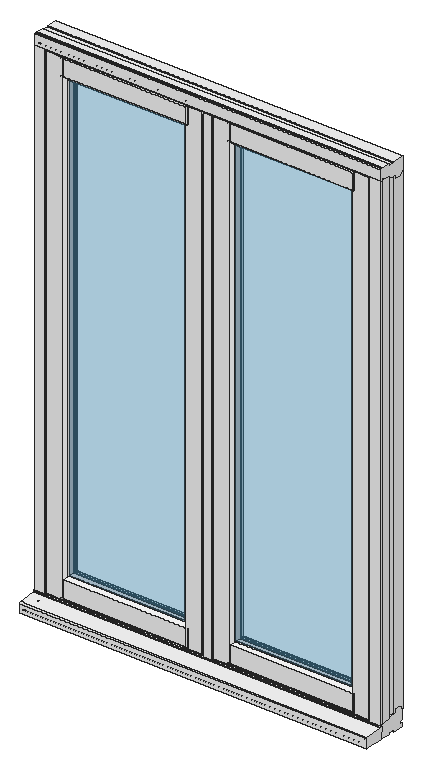
Revit family "C2", category Generic Models, Revit 2012
Parameters (values of type "Window Sill drawing")
  Width = 1200 mm
  Height = 1770 mm
  GlazingPanelMaterial = Glass
  Floor Material = White
Types (3, lengths in mm): name | Width | Height | GlazingPanelMaterial | Floor Material
  Window Sill drawing | 1200 | 1770 | Glass | White
  Access Manager | 1250 | 1250 | none | none
  window family | 1200 | 1770 | Glass | 1.12A ANCHOR FIXING
Reference planes
  plane 1 "Center (Front/Back)": y = 0
  plane 2: z = 0
  plane 3 "Center (Left/Right)": x = 0
  plane 4: z = 33
  plane 5: x = -714
  plane 6: x = -750
  plane 7: x = -718
  plane 8: x = 450
  plane 9: y = 67
  plane 10: y = -67
  plane 11: z = 1770
  plane 12: z = 1734
  plane 13: z = 1722
  plane 14: z = 578
  plane 15: z = 622
  plane 16: z = 117
  plane 17: x = -150
  plane 18: z = 530.5
  plane 19: z = 540.5
  plane 20: x = 414
  plane 21: x = 402
  plane 22: z = 60
  plane 23: y = 16.985
  plane 24: z = 1408
  plane 25: z = 1678
  plane 26: z = 1678
  plane 27: z = 55
Forms (mm)
  Extrusion 1, solid, not visible
    sketch origin (0, 0, 9.375) x (0, 1, 0) y (0, 0, 1)
      loop
        line (94.662, 311.911) -> (94.314, 312.868) -> (95.314, 312.868) -> (93.454, 317.977) -> (86.115, 317.977) -> (85.011, 317.575) -> (64.143, 317.575) -> (64.143, 311.911) -> (94.662, 311.911)
    from 0 to 250
  Extrusion 2, solid, not visible
    sketch origin (0, 0, 9.375) x (0, 1, 0) y (0, 0, 1)
      loop
        line (93.688, 317.334) -> (85.92, 317.334) -> (87.101, 312.926) -> (95.293, 312.926) -> (93.688, 317.334)
      loop
        line (91.853, 322.376) -> (91.853, 328.194)
        arc (91.853, 328.194) -> (91.424, 329.231) -> (90.388, 329.66) r 1.465
        line (90.388, 329.66) -> (71.853, 329.66) -> (71.853, 322.376) -> (91.853, 322.376)
      loop
        line (73.373, 320.598) -> (64.143, 320.598) -> (64.143, 317.575) -> (73.373, 317.575) -> (73.373, 320.598)
      loop
        line (61.169, 311.884) -> (61.169, 316.884) -> (56.169, 316.884)
        arc (56.169, 316.884) -> (53.926, 317.813) -> (52.996, 320.057) r 3.173
        line (52.996, 320.057) -> (52.996, 327.594)
        arc (52.996, 327.594) -> (53.247, 329.284) -> (54.656, 330.25) r 2.138
        line (54.656, 330.25) -> (56.493, 330.25)
        arc (56.493, 330.25) -> (57.939, 329.727) -> (58.925, 328.548) r 2.95
        line (58.925, 328.548) -> (59.306, 324.922) -> (61.24, 324.922) -> (60.612, 330.901)
        arc (60.612, 330.901) -> (59.723, 332.646) -> (57.894, 333.348) r 2.733
        line (57.894, 333.348) -> (52.423, 333.348)
        arc (52.423, 333.348) -> (50.164, 330.795) -> (49.999, 327.391) r 5.139
        line (49.999, 327.391) -> (47.957, 316.884)
        arc (47.957, 316.884) -> (49.179, 314.507) -> (49.698, 311.884) r 9.583
        line (49.698, 311.884) -> (61.169, 311.884)
    from 0 to 250
  Extrusion 3, solid, not visible
    sketch origin (-848.022, -244.537, 0) x (1, 0, 0) y (0, 1, 0)
      loop
        line (-156.504, 643.402) -> (-146.504, 653.402) -> (-146.504, 655.402) -> (-162.504, 655.402) -> (-162.504, 703.402) -> (-199.504, 703.402)
        arc (-199.504, 703.402) -> (-201.625, 702.524) -> (-202.504, 700.402) r 3
        line (-202.504, 700.402) -> (-202.504, 695.402) -> (-196.504, 695.402) -> (-196.504, 692.402) -> (-202.504, 692.402) -> (-202.504, 679.402) -> (-196.504, 679.402) -> (-196.504, 667.402) -> (-202.504, 667.402) -> (-202.504, 646.402)
        arc (-202.504, 646.402) -> (-201.625, 644.281) -> (-199.504, 643.402) r 3
        line (-199.504, 643.402) -> (-156.504, 643.402)
    from 672 to 1294
  Extrusion 4, solid, not visible
    sketch origin (-848.022, -244.537, 0) x (1, 0, 0) y (0, 1, 0)
      loop
        line (-162.504, 700.402) -> (-162.504, 681.402) -> (-150.504, 681.402) -> (-150.504, 684.402) -> (-146.504, 685.402) -> (-146.504, 689.402) -> (-149.504, 689.402)
        arc (-149.504, 689.402) -> (-151.847, 695.059) -> (-157.504, 697.402) r 8
        line (-157.504, 697.402) -> (-157.504, 700.402) -> (-162.504, 700.402)
    from 672 to 1294
  Extrusion 5, solid, not visible
    sketch origin (-511.418, -643.152, -230) x (1, 0, 0) y (0, 1, 0)
      loop
        line (-200.504, 641.902) -> (-200.504, 638.902) -> (-198.254, 638.902) -> (-198.254, 634.902) -> (-195.818, 634.902) -> (-195.818, 638.902) -> (-193.504, 638.902) -> (-193.504, 641.902) -> (-195.282, 641.902) -> (-195.282, 641.116) -> (-194.482, 641.116) -> (-194.482, 639.814) -> (-199.81, 639.814) -> (-199.81, 641.116) -> (-199.01, 641.116) -> (-199.01, 641.902) -> (-200.504, 641.902)
    from 230 to 852
  Extrusion 6, solid, not visible
    sketch origin (-511.418, -643.152, -140) x (1, 0, 0) y (0, 1, 0)
      loop
        line (-194.482, 639.814) -> (-194.482, 641.116) -> (-199.81, 641.116) -> (-199.81, 639.814) -> (-194.482, 639.814)
    from 140 to 762
  Extrusion 7, solid, not visible
    sketch origin (-511.418, -643.152, 0) x (1, 0, 0) y (0, 1, 0)
      loop
        spline (-199.847, 645.779) -> (-199.478, 645.505) -> (-199.241, 645.183) -> (-199.108, 644.823) -> (-199.048, 644.431) -> (-199.033, 644.016) -> (-199.035, 643.585) -> (-199.023, 643.147) -> (-198.97, 642.709) -> (-198.847, 642.279) -> (-198.624, 641.865) -> (-198.272, 641.475) -> (-197.764, 641.116)
        line (-197.764, 641.116) -> (-196.529, 641.116)
        spline (-196.529, 641.116) -> (-195.991, 641.457) -> (-195.612, 641.839) -> (-195.363, 642.251) -> (-195.215, 642.684) -> (-195.139, 643.129) -> (-195.106, 643.577) -> (-195.086, 644.017) -> (-195.05, 644.441) -> (-194.969, 644.838) -> (-194.814, 645.2) -> (-194.556, 645.517) -> (-194.166, 645.779)
        line (-194.166, 645.779) -> (-199.847, 645.779)
    from 0 to 622
  Extrusion 8, solid, material "White" <- "Floor Material"
    sketch origin (0, -3500.599, -3.128) x (0, 1, 0) y (0, 0, 1)
      loop
        line (3546.583, 58.128) -> (3543.583, 58.128)
        arc (3543.583, 58.128) -> (3540.655, 65.199) -> (3533.583, 68.128) r 10
        line (3533.583, 68.128) -> (3533.583, 71.128) -> (3517.583, 71.128) -> (3517.583, 63.128) -> (3523.583, 63.128) -> (3523.583, 60.128) -> (3517.583, 60.128) -> (3517.583, 59.128) -> (3494.583, 56.128) -> (3494.583, 51.128) -> (3454.583, 46.128)
        arc (3454.583, 46.128) -> (3453.169, 45.542) -> (3452.583, 44.128) r 2
        line (3452.583, 44.128) -> (3452.583, 41.128) -> (3457.583, 41.128) -> (3457.583, 26.128) -> (3452.583, 26.128) -> (3452.583, 3.128) -> (3457.583, 3.128) -> (3457.583, 5.128)
        arc (3457.583, 5.128) -> (3460.583, 8.128) -> (3463.583, 5.128) r 3
        line (3463.583, 5.128) -> (3463.583, 3.128) -> (3489.583, 3.128) -> (3489.583, 8.128) -> (3509.583, 8.128) -> (3509.583, 3.128) -> (3546.583, 3.128) -> (3546.583, 13.128) -> (3536.583, 13.128) -> (3536.583, 23.128) -> (3546.583, 23.128) -> (3546.583, 58.128)
    from -750 to 450
  Sweep 9, solid, material "White" <- "Floor Material"
    path origin (0, 0, 0) x (1, 0, 0) y (0, 0, 1)
      loop
        line (-750, 1770) -> (450, 1770)
    profile origin (-150, 0, 1770) x (0, 0, 1) y (0, -1, 0)
      loop
        line (0, -10) -> (-5, -10) -> (-5, 10) -> (0, 10) -> (0, 36) -> (-2, 36)
        arc (-2, 36) -> (-5, 39) -> (-2, 42) r 3
        line (-2, 42) -> (0, 42) -> (0, 47) -> (-36, 47) -> (-36, 43)
        arc (-36, 43) -> (-34.834, 41.499) -> (-33, 41) r 3
        line (-33, 41) -> (-33, 34.079)
        arc (-33, 34.079) -> (-34.922, 33.441) -> (-36, 31.727) r 3
        line (-36, 31.727) -> (-36, 7) -> (-44, 7) -> (-44, -1) -> (-36, -1) -> (-36, -4) -> (-44, -4) -> (-44, -14) -> (-36, -14) -> (-36, -18) -> (-56, -18) -> (-56, -34) -> (-53, -34)
        arc (-53, -34) -> (-50.071, -41.071) -> (-43, -44) r 10
        line (-43, -44) -> (-43, -47) -> (0, -47) -> (0, -10)
  Extrusion 10, solid, material "White" <- "Floor Material"
    sketch origin (-1585.9, -3440.699, 1654.007) x (0, 1, 0) y (-1, 0, 0)
      loop
        line (3397.083, -1422.128) -> (3393.083, -1422.128) -> (3393.083, -1450.128) -> (3397.083, -1450.128)
        arc (3397.083, -1450.128) -> (3398.498, -1449.542) -> (3399.083, -1448.128) r 2
        line (3399.083, -1448.128) -> (3399.083, -1447.128) -> (3406.083, -1447.128) -> (3406.083, -1448.128)
        arc (3406.083, -1448.128) -> (3406.669, -1449.542) -> (3408.083, -1450.128) r 2
        line (3408.083, -1450.128) -> (3433.083, -1450.128) -> (3433.083, -1456.128) -> (3441.083, -1456.128) -> (3441.083, -1450.128) -> (3444.083, -1450.128) -> (3444.083, -1458.128) -> (3454.083, -1458.128) -> (3454.083, -1450.128) -> (3458.083, -1450.128) -> (3458.083, -1470.128) -> (3474.083, -1470.128) -> (3474.083, -1467.128)
        arc (3474.083, -1467.128) -> (3481.155, -1464.199) -> (3484.083, -1457.128) r 10
        line (3484.083, -1457.128) -> (3487.083, -1457.128) -> (3487.083, -1415.128) -> (3484.083, -1415.128)
        arc (3484.083, -1415.128) -> (3481.155, -1408.057) -> (3474.083, -1405.128) r 10
        line (3474.083, -1405.128) -> (3474.083, -1402.128) -> (3458.083, -1402.128) -> (3458.083, -1422.128) -> (3454.083, -1422.128) -> (3454.083, -1414.128) -> (3444.083, -1414.128) -> (3444.083, -1422.128) -> (3441.083, -1422.128) -> (3441.083, -1416.128) -> (3433.083, -1416.128) -> (3433.083, -1422.128) -> (3408.083, -1422.128)
        arc (3408.083, -1422.128) -> (3406.669, -1422.714) -> (3406.083, -1424.128) r 2
        line (3406.083, -1424.128) -> (3406.083, -1425.128) -> (3399.083, -1425.128) -> (3399.083, -1424.128)
        arc (3399.083, -1424.128) -> (3398.498, -1422.714) -> (3397.083, -1422.128) r 2
    from -1611.007 to 75.993
  Extrusion 11, solid, material "White" <- "Floor Material"
    sketch origin (-300, -3440.583, -3.128) x (0, 1, 0) y (0, 0, -1)
      loop
        arc (3451.083, -1725.128) -> (3453.205, -1724.249) -> (3454.083, -1722.128) r 3
        line (3454.083, -1722.128) -> (3454.083, -1681.128) -> (3406.083, -1681.128) -> (3406.083, -1665.128) -> (3404.083, -1665.128) -> (3394.083, -1675.128) -> (3394.083, -1730.128)
        arc (3394.083, -1730.128) -> (3394.962, -1732.249) -> (3397.083, -1733.128) r 3
        line (3397.083, -1733.128) -> (3399.083, -1733.128)
        arc (3399.083, -1733.128) -> (3401.205, -1732.249) -> (3402.083, -1730.128) r 3
        line (3402.083, -1730.128) -> (3402.083, -1725.128) -> (3413.083, -1725.128)
        arc (3413.083, -1725.128) -> (3414.498, -1724.542) -> (3415.083, -1723.128) r 2
        line (3415.083, -1723.128) -> (3433.083, -1723.128)
        arc (3433.083, -1723.128) -> (3433.669, -1724.542) -> (3435.083, -1725.128) r 2
        line (3435.083, -1725.128) -> (3451.083, -1725.128)
    from -657.987 to -219.773
  Sweep 12, solid, material "White" <- "Floor Material"
    path origin (-316.12, -8, -4.107) x (-1, 0, 0) y (0, 0, -1)
      loop
        line (-674, -1682) -> (-236, -1682) -> (-236, -108.158) -> (-674, -108.158) -> (-674, -1682)
    profile origin (138.88, -8, 1677.893) x (0, 0, -1) y (0, -1, 0)
      loop
        line (4.893, -19) -> (4.893, -16)
        arc (4.893, -16) -> (10.55, -13.657) -> (12.893, -8) r 8
        line (12.893, -8) -> (15.893, -8) -> (15.893, -4) -> (11.893, -3) -> (11.893, 0) -> (-0.107, 0) -> (-0.107, -19) -> (4.893, -19)
  Extrusion 13, solid, material "White" <- "Floor Material"
    sketch origin (-1053.141, -3440.699, 1654.007) x (0, 1, 0) y (-1, 0, 0)
      loop
        arc (3451.083, -1455.128) -> (3453.205, -1454.249) -> (3454.083, -1452.128) r 3
        line (3454.083, -1452.128) -> (3454.083, -1411.128) -> (3406.083, -1411.128) -> (3406.083, -1395.128) -> (3404.083, -1395.128) -> (3394.083, -1405.128) -> (3394.083, -1460.128)
        arc (3394.083, -1460.128) -> (3394.962, -1462.249) -> (3397.083, -1463.128) r 3
        line (3397.083, -1463.128) -> (3399.083, -1463.128)
        arc (3399.083, -1463.128) -> (3401.205, -1462.249) -> (3402.083, -1460.128) r 3
        line (3402.083, -1460.128) -> (3402.083, -1455.128) -> (3413.083, -1455.128)
        arc (3413.083, -1455.128) -> (3414.498, -1454.542) -> (3415.083, -1453.128) r 2
        line (3415.083, -1453.128) -> (3433.083, -1453.128)
        arc (3433.083, -1453.128) -> (3433.669, -1454.542) -> (3435.083, -1455.128) r 2
        line (3435.083, -1455.128) -> (3451.083, -1455.128)
    from -1606.13 to 75.993
  Extrusion 14, solid, material "White" <- "Floor Material"
    sketch origin (1330.9, -3440.699, 1654.007) x (0, 1, 0) y (-1, 0, 0)
      loop
        line (3451.083, 1455.128) -> (3435.083, 1455.128)
        arc (3435.083, 1455.128) -> (3433.669, 1454.542) -> (3433.083, 1453.128) r 2
        line (3433.083, 1453.128) -> (3415.083, 1453.128)
        arc (3415.083, 1453.128) -> (3414.498, 1454.542) -> (3413.083, 1455.128) r 2
        line (3413.083, 1455.128) -> (3402.083, 1455.128) -> (3402.083, 1460.128)
        arc (3402.083, 1460.128) -> (3401.205, 1462.249) -> (3399.083, 1463.128) r 3
        line (3399.083, 1463.128) -> (3397.083, 1463.128)
        arc (3397.083, 1463.128) -> (3394.962, 1462.249) -> (3394.083, 1460.128) r 3
        line (3394.083, 1460.128) -> (3394.083, 1405.128) -> (3404.083, 1395.128) -> (3406.083, 1395.128) -> (3406.083, 1411.128) -> (3454.083, 1411.128) -> (3454.083, 1452.128)
        arc (3454.083, 1452.128) -> (3453.205, 1454.249) -> (3451.083, 1455.128) r 3
    from -1606.007 to 75.993
  Extrusion 15, solid, material "White" <- "Floor Material"
    sketch origin (-300, -3440.583, 1515.078) x (0, 1, 0) y (0, 0, -1)
      loop
        line (3451.083, 1455.128) -> (3435.083, 1455.128)
        arc (3435.083, 1455.128) -> (3433.669, 1454.542) -> (3433.083, 1453.128) r 2
        line (3433.083, 1453.128) -> (3415.083, 1453.128)
        arc (3415.083, 1453.128) -> (3414.498, 1454.542) -> (3413.083, 1455.128) r 2
        line (3413.083, 1455.128) -> (3402.083, 1455.128) -> (3402.083, 1464.078)
        arc (3402.083, 1464.078) -> (3401.205, 1466.2) -> (3399.083, 1467.078) r 3
        line (3399.083, 1467.078) -> (3397.083, 1467.078)
        arc (3397.083, 1467.078) -> (3394.962, 1466.2) -> (3394.083, 1464.078) r 3
        line (3394.083, 1464.078) -> (3394.083, 1405.128) -> (3404.083, 1395.128) -> (3406.083, 1395.128) -> (3406.083, 1411.128) -> (3454.083, 1411.128) -> (3454.083, 1452.128)
        arc (3454.083, 1452.128) -> (3453.205, 1454.249) -> (3451.083, 1455.128) r 3
    from -657.987 to -219.773
  Extrusion 16, solid, material "White" <- "Floor Material"
    sketch origin (0, -3490.599, -3.128) x (0, 1, 0) y (0, 0, 1)
      loop
        arc (3387.583, 5.128) -> (3390.583, 8.128) -> (3393.583, 5.128) r 3
        line (3393.583, 5.128) -> (3393.583, 3.128) -> (3442.583, 3.128) -> (3442.583, 26.128) -> (3447.583, 26.128) -> (3447.583, 41.128) -> (3442.583, 41.128) -> (3385.434, 34.124)
        arc (3385.434, 34.124) -> (3383.41, 33.196) -> (3382.583, 31.128) r 3
        line (3382.583, 31.128) -> (3382.583, 3.128) -> (3387.583, 3.128) -> (3387.583, 5.128)
    from -750 to 450
  Extrusion 17, solid, material "White" <- "Floor Material"
    sketch origin (0, -3440.583, 1515.128) x (0, 1, 0) y (0, 0, 1)
      loop
        arc (3451.083, -1455.128) -> (3453.205, -1454.249) -> (3454.083, -1452.128) r 3
        line (3454.083, -1452.128) -> (3454.083, -1411.128) -> (3406.083, -1411.128) -> (3406.083, -1395.128) -> (3404.083, -1395.128) -> (3394.083, -1405.128) -> (3394.083, -1464.128)
        arc (3394.083, -1464.128) -> (3394.962, -1466.249) -> (3397.083, -1467.128) r 3
        line (3397.083, -1467.128) -> (3399.083, -1467.128)
        arc (3399.083, -1467.128) -> (3401.205, -1466.249) -> (3402.083, -1464.128) r 3
        line (3402.083, -1464.128) -> (3402.083, -1455.128) -> (3413.083, -1455.128)
        arc (3413.083, -1455.128) -> (3414.498, -1454.542) -> (3415.083, -1453.128) r 2
        line (3415.083, -1453.128) -> (3433.083, -1453.128)
        arc (3433.083, -1453.128) -> (3433.669, -1454.542) -> (3435.083, -1455.128) r 2
        line (3435.083, -1455.128) -> (3451.083, -1455.128)
    from -657.987 to -219.773
  Sweep 18, solid, material "White" <- "Floor Material"
    path origin (16.12, -8, -514.094) x (1, 0, 0) y (0, 0, 1)
      loop
        line (-674, 2192.094) -> (-674, 618.194) -> (-236, 618.194) -> (-236, 2192.094) -> (-674, 2192.094)
    profile origin (-438.88, -8, 1678) x (0, 0, 1) y (0, -1, 0)
      loop
        line (-4.893, -19) -> (0.107, -19) -> (0.107, 0) -> (-11.893, 0) -> (-11.893, -3) -> (-15.893, -4) -> (-15.893, -8) -> (-12.893, -8)
        arc (-12.893, -8) -> (-10.55, -13.657) -> (-4.893, -16) r 8
        line (-4.893, -16) -> (-4.893, -19)
  Extrusion 19, solid, material "White" <- "Floor Material"
    sketch origin (753.141, -3440.699, 1144.02) x (0, 1, 0) y (-1, 0, 0)
      loop
        line (3451.083, 1455.128) -> (3435.083, 1455.128)
        arc (3435.083, 1455.128) -> (3433.669, 1454.542) -> (3433.083, 1453.128) r 2
        line (3433.083, 1453.128) -> (3415.083, 1453.128)
        arc (3415.083, 1453.128) -> (3414.498, 1454.542) -> (3413.083, 1455.128) r 2
        line (3413.083, 1455.128) -> (3402.083, 1455.128) -> (3402.083, 1460.128)
        arc (3402.083, 1460.128) -> (3401.205, 1462.249) -> (3399.083, 1463.128) r 3
        line (3399.083, 1463.128) -> (3397.083, 1463.128)
        arc (3397.083, 1463.128) -> (3394.962, 1462.249) -> (3394.083, 1460.128) r 3
        line (3394.083, 1460.128) -> (3394.083, 1405.128) -> (3404.083, 1395.128) -> (3406.083, 1395.128) -> (3406.083, 1411.128) -> (3454.083, 1411.128) -> (3454.083, 1452.128)
        arc (3454.083, 1452.128) -> (3453.205, 1454.249) -> (3451.083, 1455.128) r 3
    from -1096.143 to 585.98
  Extrusion 20, solid, material "White" <- "Floor Material"
    sketch origin (-1630.9, -3440.699, 1144.02) x (0, 1, 0) y (-1, 0, 0)
      loop
        arc (3451.083, -1455.128) -> (3453.205, -1454.249) -> (3454.083, -1452.128) r 3
        line (3454.083, -1452.128) -> (3454.083, -1411.128) -> (3406.083, -1411.128) -> (3406.083, -1395.128) -> (3404.083, -1395.128) -> (3394.083, -1405.128) -> (3394.083, -1460.128)
        arc (3394.083, -1460.128) -> (3394.962, -1462.249) -> (3397.083, -1463.128) r 3
        line (3397.083, -1463.128) -> (3399.083, -1463.128)
        arc (3399.083, -1463.128) -> (3401.205, -1462.249) -> (3402.083, -1460.128) r 3
        line (3402.083, -1460.128) -> (3402.083, -1455.128) -> (3413.083, -1455.128)
        arc (3413.083, -1455.128) -> (3414.498, -1454.542) -> (3415.083, -1453.128) r 2
        line (3415.083, -1453.128) -> (3433.083, -1453.128)
        arc (3433.083, -1453.128) -> (3433.669, -1454.542) -> (3435.083, -1455.128) r 2
        line (3435.083, -1455.128) -> (3451.083, -1455.128)
    from -1096.02 to 585.98
  Extrusion 21, solid, material "Glass"
    sketch origin (2388.494, -1584.07, -509.987) x (1, 0, 0) y (0, 1, 0)
      loop
        line (-3042.481, 1575.085) -> (-3042.481, 1571.085) -> (-2620.267, 1571.085) -> (-2620.267, 1575.085) -> (-3042.481, 1575.085)
      loop
        line (-3042.481, 1555.085) -> (-3042.481, 1551.085) -> (-2620.267, 1551.085) -> (-2620.267, 1555.085) -> (-3042.481, 1555.085)
    from 617.987 to 2171.987
  Sweep 22, solid
    path origin (16.013, -20.977, -513.987) x (1, 0, 0) y (0, 0, 1)
      loop
        line (-670, 2191.987) -> (-670, 621.987) -> (-239.786, 621.987) -> (-239.786, 2191.987) -> (-670, 2191.987)
    profile origin (-438.88, -20.977, 1678) x (0, 0, 1) y (0, -1, 0)
      loop
        line (0, -8) -> (0, 8) -> (-10, 8) -> (-10, -8) -> (0, -8)
  Sweep 23, solid, material "White" <- "Floor Material"
    path origin (593.813, -8, -514.094) x (1, 0, 0) y (0, 0, 1)
      loop
        line (-674, 2191.994) -> (-674, 618.194) -> (-236, 618.194) -> (-236, 2191.994) -> (-674, 2191.994)
    profile origin (138.813, -8, 1677.9) x (0, 0, 1) y (0, -1, 0)
      loop
        line (-4.893, -19) -> (0.107, -19) -> (0.107, 0) -> (-11.893, 0) -> (-11.893, -3) -> (-15.893, -4) -> (-15.893, -8) -> (-12.893, -8)
        arc (-12.893, -8) -> (-10.55, -13.657) -> (-4.893, -16) r 8
        line (-4.893, -16) -> (-4.893, -19)
  Extrusion 24, solid, material "Glass"
    sketch origin (2966.187, -1584.07, -509.987) x (1, 0, 0) y (0, 1, 0)
      loop
        line (-3042.481, 1575.085) -> (-3042.481, 1571.085) -> (-2612.267, 1571.085) -> (-2612.267, 1575.085) -> (-3042.481, 1575.085)
      loop
        line (-3042.481, 1555.085) -> (-3042.481, 1551.085) -> (-2612.267, 1551.085) -> (-2612.267, 1555.085) -> (-3042.481, 1555.085)
    from 617.987 to 2171.987
  Sweep 25, solid
    path origin (593.706, -20.977, -513.987) x (1, 0, 0) y (0, 0, 1)
      loop
        line (-670, 2187.987) -> (-670, 621.987) -> (-239.786, 621.987) -> (-239.786, 2187.987) -> (-670, 2187.987)
    profile origin (138.813, -20.977, 1674) x (0, 0, 1) y (0, -1, 0)
      loop
        line (0, -8) -> (0, 8) -> (-10, 8) -> (-10, -8) -> (0, -8)
  Extrusion 26, solid, material "White" <- "Floor Material"
    sketch origin (0.455, -3440.583, -3.128) x (0, 1, 0) y (0, 0, 1)
      loop
        line (3451.083, 1725.128) -> (3435.083, 1725.128)
        arc (3435.083, 1725.128) -> (3433.669, 1724.542) -> (3433.083, 1723.128) r 2
        line (3433.083, 1723.128) -> (3415.083, 1723.128)
        arc (3415.083, 1723.128) -> (3414.498, 1724.542) -> (3413.083, 1725.128) r 2
        line (3413.083, 1725.128) -> (3402.083, 1725.128) -> (3402.083, 1730.128)
        arc (3402.083, 1730.128) -> (3401.205, 1732.249) -> (3399.083, 1733.128) r 3
        line (3399.083, 1733.128) -> (3397.083, 1733.128)
        arc (3397.083, 1733.128) -> (3394.962, 1732.249) -> (3394.083, 1730.128) r 3
        line (3394.083, 1730.128) -> (3394.083, 1675.128) -> (3404.083, 1665.128) -> (3406.083, 1665.128) -> (3406.083, 1681.128) -> (3454.083, 1681.128) -> (3454.083, 1722.128)
        arc (3454.083, 1722.128) -> (3453.205, 1724.249) -> (3451.083, 1725.128) r 3
    from -658.441 to -220.227
  Sweep 27, solid, material "White" <- "Floor Material"
    path origin (1020, 0, 1284) x (0, 0, 1) y (-1, 0, 0)
      loop
        line (-1284, 1770) -> (450, 1770)
    profile origin (-750, 0, 867) x (-1, 0, 0) y (0, -1, 0)
      loop
        line (0, -10) -> (-5, -10) -> (-5, 10) -> (0, 10) -> (0, 36) -> (-2, 36)
        arc (-2, 36) -> (-5, 39) -> (-2, 42) r 3
        line (-2, 42) -> (0, 42) -> (0, 47) -> (-36, 47) -> (-36, 43)
        arc (-36, 43) -> (-34.834, 41.499) -> (-33, 41) r 3
        line (-33, 41) -> (-33, 34.079)
        arc (-33, 34.079) -> (-34.922, 33.441) -> (-36, 31.727) r 3
        line (-36, 31.727) -> (-36, 7) -> (-44, 7) -> (-44, -1) -> (-36, -1) -> (-36, -4) -> (-44, -4) -> (-44, -14) -> (-36, -14) -> (-36, -18) -> (-56, -18) -> (-56, -34) -> (-53, -34)
        arc (-53, -34) -> (-50.071, -41.071) -> (-43, -44) r 10
        line (-43, -44) -> (-43, -47) -> (0, -47) -> (0, -10)
  Sweep 28, solid, material "White" <- "Floor Material"
    path origin (-1320, 0, 1284) x (0, 0, 1) y (-1, 0, 0)
      loop
        line (-1284, -1770) -> (450, -1770)
    profile origin (450, 0, 867) x (-1, 0, 0) y (0, -1, 0)
      loop
        line (0, -10) -> (0, -47) -> (43, -47) -> (43, -44)
        arc (43, -44) -> (50.071, -41.071) -> (53, -34) r 10
        line (53, -34) -> (56, -34) -> (56, -18) -> (36, -18) -> (36, -14) -> (44, -14) -> (44, -4) -> (36, -4) -> (36, -1) -> (44, -1) -> (44, 7) -> (36, 7) -> (36, 31.727)
        arc (36, 31.727) -> (34.922, 33.441) -> (33, 34.079) r 3
        line (33, 34.079) -> (33, 41)
        arc (33, 41) -> (34.834, 41.499) -> (36, 43) r 3
        line (36, 43) -> (36, 47) -> (0, 47) -> (0, 42) -> (2, 42)
        arc (2, 42) -> (5, 39) -> (2, 36) r 3
        line (2, 36) -> (0, 36) -> (0, 10) -> (5, 10) -> (5, -10) -> (0, -10)
  Sweep 29, void
    path origin (0, 0, 0) x (1, 0, 0) y (0, 1, 0)
      loop
        line (-750, -23) -> (450, -23)
    profile origin (-150, -23, 0) x (0, 1, 0) y (0, 0, 1)
      loop
        line (68.985, 55) -> (65.985, 55)
        arc (65.985, 55) -> (63.056, 62.071) -> (55.985, 65) r 10
        line (55.985, 65) -> (55.985, 68) -> (39.985, 68) -> (39.985, 60) -> (45.985, 60) -> (45.985, 57) -> (39.985, 57) -> (39.985, 56) -> (16.985, 53) -> (16.985, 48) -> (-23.015, 43)
        arc (-23.015, 43) -> (-24.429, 42.414) -> (-25.015, 41) r 2
        line (-25.015, 41) -> (-25.015, 38) -> (-57.379, 33.978) -> (-82.385, 30.977) -> (-107.385, 27.977)
        arc (-107.385, 27.977) -> (-109.264, 26.986) -> (-110.015, 25) r 3
        line (-110.015, 25) -> (-110.015, -5) -> (79.985, -5) -> (79.985, 55) -> (68.985, 55)
Cuts and joins
  Sweep 29 cuts Extrusion 10
  Sweep 29 cuts Extrusion 14
  Sweep 29 cuts Extrusion 20
  Sweep 29 cuts Sweep 27
  Sweep 29 cuts Sweep 28
Dimensions and locks
  plane 11 to plane 12 = 36 mm  (x2)
  plane 12 to plane 13 = 12 mm  (x2)
  locked: plane 14 to level at 578
  plane 15 to plane 14 = 44 mm
  plane 16 to level = 117 mm
  "Height": plane 11 to level
  "Width": plane 6 to plane 8
  equal spacing: plane 6, plane 17, plane 8
  plane 6 to plane 8 = 1200 mm
  plane 22 to level = 60 mm
  plane 13 to plane 25 = 44 mm
  plane 13 to plane 26 = 44 mm
  aligned and locked: level to plane 2
  aligned and locked: Sweep 9 sketch curve to plane 11
  aligned and locked: plane 6 to Sweep 9 sketch curve
  aligned and locked: plane 8 to Sweep 9 sketch curve
Automatic sketch dimensions
  Extrusion 8 sketch curve to level = 0 mm  (x3)
  Extrusion 8 sketch curve to plane 23 = 0 mm  (x2)
  Extrusion 8 sketch curve to plane 22 = 0 mm
  Extrusion 8 sketch curve to plane 23 = 8 mm
  plane 1 "Center (Front/Back)" to Extrusion 8 sketch curve = 6.015 mm
  level to Extrusion 8 sketch curve = 5 mm
  plane 1 "Center (Front/Back)" to Extrusion 8 sketch curve = 11.015 mm
  Extrusion 8 sketch curve to Extrusion 8 sketch curve = 26 mm
  Extrusion 8 sketch curve to Extrusion 8 sketch curve = 3 mm  (x5)
  Extrusion 8 sketch curve to plane 4 = 10 mm
  Extrusion 8 sketch curve to Extrusion 8 sketch curve = 0 mm
  Extrusion 8 sketch curve to Extrusion 8 sketch curve = 5 mm  (x2)
  Extrusion 8 sketch curve to Extrusion 8 sketch curve = 2 mm
  Extrusion 8 sketch curve to Extrusion 8 sketch curve = 6 mm
  plane 22 to Extrusion 8 sketch curve = 5 mm
  Extrusion 8 sketch curve to Extrusion 8 sketch curve = 10 mm  (x3)
  plane 23 to Extrusion 8 sketch curve = 19 mm
  Extrusion 8 sketch curve to plane 22 = 5 mm
  level to Extrusion 8 sketch curve = 2 mm
  level to Extrusion 8 sketch curve = 10 mm
  plane 4 to Extrusion 8 sketch curve = 5 mm
  Extrusion 8 sketch curve to plane 22 = 12 mm
  Extrusion 8 sketch curve to Extrusion 8 sketch curve = 4 mm
  plane 22 to Extrusion 8 sketch curve = 8 mm
  profile plane to Sweep 9 sketch curve = 0 mm  (x3)
  Sweep 9 sketch curve to Sweep 9 sketch curve = 2 mm  (x2)
  Sweep 9 sketch curve to Sweep 9 sketch curve = 5 mm  (x2)
  Sweep 9 sketch curve to Sweep 9 sketch curve = 31 mm
  Sweep 9 sketch curve to Sweep 9 sketch curve = 0.071 mm
  Sweep 9 sketch curve to Sweep 9 sketch curve = 0.17 mm
  profile plane to Sweep 9 sketch curve = 7 mm
  Sweep 9 sketch curve to Sweep 9 sketch curve = 2.929 mm
  Sweep 9 sketch curve to Sweep 9 sketch curve = 2.83 mm
  Sweep 9 sketch curve to profile plane = 1 mm
  Sweep 9 sketch curve to Sweep 9 sketch curve = 0 mm  (x3)
  Sweep 9 sketch curve to Sweep 9 sketch curve = 7 mm
  Sweep 9 sketch curve to Sweep 9 sketch curve = 8 mm
  Sweep 9 sketch curve to Sweep 9 sketch curve = 10 mm  (x2)
  Sweep 9 sketch curve to Sweep 9 sketch curve = 3 mm  (x4)
  Sweep 9 sketch curve to profile plane = 10 mm
  Sweep 9 sketch curve to Sweep 9 sketch curve = 4 mm
  Sweep 9 sketch curve to Sweep 9 sketch curve = 16 mm
  profile plane to Sweep 9 sketch curve = 10 mm
  Sweep 9 sketch curve to Sweep 9 sketch curve = 24.08 mm
  Sweep 9 sketch curve to Sweep 9 sketch curve = 0.647 mm
  Sweep 9 sketch curve to Sweep 9 sketch curve = 26 mm
  Sweep 9 sketch curve to Sweep 9 sketch curve = 6.921 mm
  plane 10 to Extrusion 10 sketch curve = 19.384 mm
  Extrusion 10 sketch curve to Extrusion 10 sketch curve = 4 mm  (x2)
  Extrusion 10 sketch curve to Extrusion 10 sketch curve = 2 mm  (x5)
  Extrusion 10 sketch curve to Extrusion 10 sketch curve = 7 mm  (x2)
  plane 1 "Center (Front/Back)" to Extrusion 10 sketch curve = 7.616 mm  (x2)
  Extrusion 10 sketch curve to plane 1 "Center (Front/Back)" = 0.384 mm  (x2)
  Extrusion 10 sketch curve to Extrusion 10 sketch curve = 3 mm  (x4)
  Extrusion 10 sketch curve to plane 1 "Center (Front/Back)" = 3.384 mm
  Extrusion 10 sketch curve to plane 23 = 3.601 mm  (x2)
  plane 23 to Extrusion 10 sketch curve = 0.399 mm  (x2)
  plane 23 to Extrusion 10 sketch curve = 16.399 mm
  Extrusion 10 sketch curve to Extrusion 10 sketch curve = 16 mm
  Extrusion 10 sketch curve to Extrusion 10 sketch curve = 10 mm  (x2)
  Extrusion 10 sketch curve to plane 17 = 34.227 mm
  Extrusion 10 sketch curve to Extrusion 10 sketch curve = 12 mm
  Extrusion 10 sketch curve to plane 17 = 14.227 mm
  Extrusion 10 sketch curve to Extrusion 10 sketch curve = 6 mm  (x3)
  Extrusion 10 sketch curve to Extrusion 10 sketch curve = 8 mm  (x2)
  Extrusion 10 sketch curve to Extrusion 10 sketch curve = 1 mm  (x3)
  plane 17 to Extrusion 10 sketch curve = 10.773 mm
  plane 17 to Extrusion 10 sketch curve = 13.773 mm
  Extrusion 10 sketch curve to Extrusion 10 sketch curve = 0 mm
  plane 17 to Extrusion 10 sketch curve = 20.773 mm
  Extrusion 11 sketch curve to plane 13 = 0 mm  (x2)
  plane 13 to Extrusion 11 sketch curve = 5 mm
  plane 10 to Extrusion 11 sketch curve = 20.5 mm
  Extrusion 11 sketch curve to plane 12 = 4 mm
  Extrusion 11 sketch curve to Extrusion 11 sketch curve = 2 mm  (x2)
  Extrusion 11 sketch curve to Extrusion 11 sketch curve = 3 mm
  Extrusion 11 sketch curve to Extrusion 11 sketch curve = 10 mm  (x2)
  Extrusion 11 sketch curve to plane 13 = 2 mm
  Extrusion 11 sketch curve to Extrusion 11 sketch curve = 11 mm
  plane 1 "Center (Front/Back)" to Extrusion 11 sketch curve = 7.5 mm
  Extrusion 11 sketch curve to plane 13 = 3 mm
  Extrusion 11 sketch curve to plane 23 = 6.485 mm
  Extrusion 11 sketch curve to Extrusion 11 sketch curve = 41 mm
  Extrusion 11 sketch curve to Extrusion 11 sketch curve = 6 mm
  Sweep 12 sketch curve to plane 16 = 12.949 mm
  Sweep 12 sketch curve to plane 21 = 44.12 mm
  Sweep 12 sketch curve to plane 17 = 69.88 mm
  Sweep 12 sketch curve to plane 13 = 44.107 mm
  Sweep 12 sketch curve to profile plane = 0 mm
  profile plane to Sweep 12 sketch curve = 0.107 mm
  Sweep 12 sketch curve to profile plane = 4.893 mm
  Sweep 12 sketch curve to profile plane = 3 mm
  Sweep 12 sketch curve to Sweep 12 sketch curve = 7 mm
  Sweep 12 sketch curve to Sweep 12 sketch curve = 1 mm
  Sweep 12 sketch curve to profile plane = 4 mm
  Sweep 12 sketch curve to Sweep 12 sketch curve = 4 mm
  Sweep 12 sketch curve to profile plane = 8 mm
  Sweep 12 sketch curve to Sweep 12 sketch curve = 3 mm
  plane 21 to Extrusion 13 sketch curve = 4.987 mm
  plane 10 to Extrusion 13 sketch curve = 20.384 mm
  Extrusion 13 sketch curve to plane 20 = 4.013 mm
  Extrusion 13 sketch curve to Extrusion 13 sketch curve = 2 mm  (x4)
  Extrusion 13 sketch curve to Extrusion 13 sketch curve = 3 mm
  Extrusion 13 sketch curve to Extrusion 13 sketch curve = 10 mm  (x2)
  Extrusion 13 sketch curve to plane 21 = 2.013 mm
  Extrusion 13 sketch curve to Extrusion 13 sketch curve = 11 mm
  plane 1 "Center (Front/Back)" to Extrusion 13 sketch curve = 7.616 mm
  Extrusion 13 sketch curve to plane 21 = 3.013 mm
  Extrusion 13 sketch curve to plane 23 = 6.601 mm
  Extrusion 13 sketch curve to Extrusion 13 sketch curve = 41 mm
  Extrusion 13 sketch curve to Extrusion 13 sketch curve = 6 mm
  plane 10 to Extrusion 14 sketch curve = 20.384 mm
  Extrusion 14 sketch curve to Extrusion 14 sketch curve = 3 mm  (x3)
  Extrusion 14 sketch curve to Extrusion 14 sketch curve = 2 mm  (x4)
  Extrusion 14 sketch curve to Extrusion 14 sketch curve = 10 mm  (x2)
  Extrusion 14 sketch curve to Extrusion 14 sketch curve = 11 mm
  plane 1 "Center (Front/Back)" to Extrusion 14 sketch curve = 7.616 mm
  Extrusion 14 sketch curve to plane 23 = 6.601 mm
  Extrusion 14 sketch curve to plane 3 "Center (Left/Right)" = 64.227 mm
  Extrusion 14 sketch curve to Extrusion 14 sketch curve = 16 mm
  Extrusion 14 sketch curve to plane 17 = 28.773 mm
  Extrusion 14 sketch curve to Extrusion 14 sketch curve = 5 mm
  Extrusion 15 sketch curve to plane 22 = 9 mm
  plane 10 to Extrusion 15 sketch curve = 20.5 mm
  Extrusion 15 sketch curve to Extrusion 15 sketch curve = 3 mm  (x2)
  Extrusion 15 sketch curve to Extrusion 15 sketch curve = 2 mm  (x4)
  plane 16 to Extrusion 15 sketch curve = 2.951 mm
  Extrusion 15 sketch curve to Extrusion 15 sketch curve = 10 mm
  plane 22 to Extrusion 15 sketch curve = 1.951 mm
  Extrusion 15 sketch curve to Extrusion 15 sketch curve = 11 mm
  plane 1 "Center (Front/Back)" to Extrusion 15 sketch curve = 7.5 mm
  plane 22 to Extrusion 15 sketch curve = 2.951 mm
  Extrusion 15 sketch curve to plane 23 = 6.485 mm
  Extrusion 15 sketch curve to plane 16 = 7.049 mm
  Extrusion 15 sketch curve to plane 16 = 13.049 mm
  Extrusion 16 sketch curve to level = 0 mm  (x2)
  Extrusion 16 sketch curve to plane 4 = 5 mm
  Extrusion 16 sketch curve to plane 10 = 41.015 mm
  Extrusion 16 sketch curve to plane 4 = 2.004 mm
  Extrusion 16 sketch curve to Extrusion 16 sketch curve = 2.851 mm
  level to Extrusion 16 sketch curve = 2 mm
  Extrusion 16 sketch curve to Extrusion 16 sketch curve = 5 mm  (x2)
  Extrusion 16 sketch curve to Extrusion 16 sketch curve = 3 mm
  plane 10 to Extrusion 16 sketch curve = 18.985 mm
  plane 4 to Extrusion 16 sketch curve = 5 mm
  Extrusion 16 sketch curve to Extrusion 16 sketch curve = 0 mm
  Extrusion 16 sketch curve to plane 4 = 10 mm
  Extrusion 17 sketch curve to plane 22 = 0 mm  (x2)
  plane 10 to Extrusion 17 sketch curve = 20.5 mm
  Extrusion 17 sketch curve to Extrusion 17 sketch curve = 3 mm  (x2)
  Extrusion 17 sketch curve to Extrusion 17 sketch curve = 2 mm  (x2)
  plane 16 to Extrusion 17 sketch curve = 3 mm
  Extrusion 17 sketch curve to Extrusion 17 sketch curve = 10 mm
  plane 22 to Extrusion 17 sketch curve = 2 mm
  Extrusion 17 sketch curve to Extrusion 17 sketch curve = 11 mm
  plane 1 "Center (Front/Back)" to Extrusion 17 sketch curve = 7.5 mm
  plane 22 to Extrusion 17 sketch curve = 3 mm
  Extrusion 17 sketch curve to plane 23 = 6.485 mm
  Extrusion 17 sketch curve to plane 22 = 9 mm
  Extrusion 17 sketch curve to plane 16 = 13 mm
  Extrusion 17 sketch curve to plane 16 = 7 mm
  Sweep 18 sketch curve to plane 26 = 0 mm
  Sweep 18 sketch curve to plane 16 = 12.9 mm
  Sweep 18 sketch curve to plane 5 = 56.12 mm
  plane 17 to Sweep 18 sketch curve = 69.88 mm
  Sweep 18 sketch curve to profile plane = 0 mm
  Sweep 18 sketch curve to profile plane = 8 mm
  profile plane to Sweep 18 sketch curve = 15.893 mm
  Sweep 18 sketch curve to Sweep 18 sketch curve = 3 mm  (x3)
  Sweep 18 sketch curve to Sweep 18 sketch curve = 4 mm  (x2)
  profile plane to Sweep 18 sketch curve = 4.893 mm
  Sweep 18 sketch curve to profile plane = 0.107 mm
  Extrusion 19 sketch curve to plane 5 = 7.013 mm
  plane 10 to Extrusion 19 sketch curve = 20.384 mm
  Extrusion 19 sketch curve to plane 5 = 4.013 mm
  Extrusion 19 sketch curve to Extrusion 19 sketch curve = 2 mm  (x4)
  Extrusion 19 sketch curve to Extrusion 19 sketch curve = 3 mm  (x2)
  Extrusion 19 sketch curve to Extrusion 19 sketch curve = 10 mm  (x2)
  Extrusion 19 sketch curve to Extrusion 19 sketch curve = 11 mm
  plane 1 "Center (Front/Back)" to Extrusion 19 sketch curve = 7.616 mm
  Extrusion 19 sketch curve to plane 23 = 6.601 mm
  Extrusion 19 sketch curve to plane 5 = 12.013 mm
  Extrusion 19 sketch curve to Extrusion 19 sketch curve = 42 mm
  Extrusion 19 sketch curve to Extrusion 19 sketch curve = 6 mm
  plane 10 to Extrusion 20 sketch curve = 20.384 mm
  Extrusion 20 sketch curve to Extrusion 20 sketch curve = 3 mm  (x3)
  Extrusion 20 sketch curve to Extrusion 20 sketch curve = 2 mm  (x4)
  Extrusion 20 sketch curve to Extrusion 20 sketch curve = 10 mm  (x2)
  Extrusion 20 sketch curve to Extrusion 20 sketch curve = 11 mm
  plane 1 "Center (Front/Back)" to Extrusion 20 sketch curve = 7.616 mm
  Extrusion 20 sketch curve to plane 23 = 6.601 mm
  plane 17 to Extrusion 20 sketch curve = 17.773 mm
  plane 17 to Extrusion 20 sketch curve = 25.773 mm
  Extrusion 20 sketch curve to Extrusion 20 sketch curve = 41 mm
  Extrusion 20 sketch curve to Extrusion 20 sketch curve = 6 mm
  plane 1 "Center (Front/Back)" to Extrusion 21 sketch curve = 8.984 mm
  Extrusion 21 sketch curve to plane 5 = 60.013 mm
  Extrusion 21 sketch curve to Extrusion 21 sketch curve = 0 mm  (x2)
  plane 1 "Center (Front/Back)" to Extrusion 21 sketch curve = 28.984 mm
  plane 17 to Extrusion 21 sketch curve = 81.773 mm
  Extrusion 21 sketch curve to Extrusion 21 sketch curve = 4 mm  (x2)
  Sweep 22 sketch curve to plane 25 = 0 mm
  Sweep 22 sketch curve to plane 16 = 9 mm
  Sweep 22 sketch curve to plane 5 = 60.013 mm
  plane 17 to Sweep 22 sketch curve = 73.773 mm
  profile plane to Sweep 22 sketch curve = 0 mm
  Sweep 22 sketch curve to Sweep 22 sketch curve = 10 mm
  Sweep 22 sketch curve to profile plane = 8 mm
  profile plane to Sweep 22 sketch curve = 8 mm
  Sweep 23 sketch curve to plane 16 = 12.9 mm
  Sweep 23 sketch curve to plane 17 = 69.813 mm
  Sweep 23 sketch curve to plane 21 = 44.187 mm
  Sweep 23 sketch curve to plane 13 = 44.1 mm
  Sweep 23 sketch curve to profile plane = 0 mm
  Sweep 23 sketch curve to profile plane = 8 mm
  profile plane to Sweep 23 sketch curve = 15.893 mm
  Sweep 23 sketch curve to Sweep 23 sketch curve = 3 mm  (x3)
  Sweep 23 sketch curve to Sweep 23 sketch curve = 4 mm  (x2)
  profile plane to Sweep 23 sketch curve = 4.893 mm
  Sweep 23 sketch curve to profile plane = 0.107 mm
  plane 1 "Center (Front/Back)" to Extrusion 24 sketch curve = 8.984 mm
  Extrusion 24 sketch curve to plane 17 = 73.706 mm
  Extrusion 24 sketch curve to Extrusion 24 sketch curve = 0 mm  (x2)
  Extrusion 24 sketch curve to plane 21 = 48.08 mm
  Extrusion 24 sketch curve to Extrusion 24 sketch curve = 4 mm  (x2)
  Extrusion 24 sketch curve to Extrusion 24 sketch curve = 16 mm
  Sweep 25 sketch curve to plane 16 = 9 mm
  Sweep 25 sketch curve to plane 17 = 73.706 mm
  Sweep 25 sketch curve to plane 21 = 48.08 mm
  Sweep 25 sketch curve to plane 13 = 48 mm
  profile plane to Sweep 25 sketch curve = 0 mm
  profile plane to Sweep 25 sketch curve = 10 mm
  Sweep 25 sketch curve to profile plane = 8 mm
  profile plane to Sweep 25 sketch curve = 8 mm
  Extrusion 26 sketch curve to plane 13 = 0 mm  (x2)
  plane 13 to Extrusion 26 sketch curve = 5 mm
  plane 10 to Extrusion 26 sketch curve = 20.5 mm
  Extrusion 26 sketch curve to plane 12 = 4 mm
  Extrusion 26 sketch curve to Extrusion 26 sketch curve = 2 mm  (x2)
  Extrusion 26 sketch curve to Extrusion 26 sketch curve = 3 mm
  Extrusion 26 sketch curve to Extrusion 26 sketch curve = 10 mm  (x2)
  Extrusion 26 sketch curve to plane 13 = 2 mm
  Extrusion 26 sketch curve to Extrusion 26 sketch curve = 11 mm
  plane 1 "Center (Front/Back)" to Extrusion 26 sketch curve = 7.5 mm
  Extrusion 26 sketch curve to plane 13 = 3 mm
  Extrusion 26 sketch curve to plane 23 = 6.485 mm
  Extrusion 26 sketch curve to Extrusion 26 sketch curve = 42 mm
  Extrusion 26 sketch curve to Extrusion 26 sketch curve = 6 mm
  Sweep 27 sketch curve to level = 0 mm
  plane 6 to Sweep 27 sketch curve = 0 mm
  Sweep 27 sketch curve to plane 12 = 0 mm
  Sweep 27 sketch curve to profile plane = 0 mm  (x3)
  Sweep 27 sketch curve to Sweep 27 sketch curve = 2 mm  (x2)
  Sweep 27 sketch curve to Sweep 27 sketch curve = 5 mm  (x2)
  Sweep 27 sketch curve to Sweep 27 sketch curve = 31 mm
  Sweep 27 sketch curve to Sweep 27 sketch curve = 0.071 mm
  Sweep 27 sketch curve to Sweep 27 sketch curve = 0.17 mm
  profile plane to Sweep 27 sketch curve = 7 mm
  Sweep 27 sketch curve to Sweep 27 sketch curve = 2.929 mm
  Sweep 27 sketch curve to Sweep 27 sketch curve = 2.83 mm
  Sweep 27 sketch curve to profile plane = 1 mm
  Sweep 27 sketch curve to Sweep 27 sketch curve = 0 mm  (x3)
  Sweep 27 sketch curve to Sweep 27 sketch curve = 7 mm
  Sweep 27 sketch curve to Sweep 27 sketch curve = 8 mm
  Sweep 27 sketch curve to Sweep 27 sketch curve = 10 mm  (x2)
  Sweep 27 sketch curve to Sweep 27 sketch curve = 3 mm  (x4)
  Sweep 27 sketch curve to profile plane = 10 mm
  Sweep 27 sketch curve to Sweep 27 sketch curve = 4 mm
  Sweep 27 sketch curve to Sweep 27 sketch curve = 16 mm
  profile plane to Sweep 27 sketch curve = 10 mm
  Sweep 27 sketch curve to Sweep 27 sketch curve = 24.08 mm
  Sweep 27 sketch curve to Sweep 27 sketch curve = 0.647 mm
  Sweep 27 sketch curve to Sweep 27 sketch curve = 26 mm
  Sweep 27 sketch curve to Sweep 27 sketch curve = 6.921 mm
  Sweep 28 sketch curve to level = 0 mm
  Sweep 28 sketch curve to plane 8 = 0 mm
  Sweep 28 sketch curve to plane 12 = 0 mm
  Sweep 28 sketch curve to profile plane = 0 mm  (x3)
  Sweep 28 sketch curve to profile plane = 2 mm
  Sweep 28 sketch curve to profile plane = 5 mm
  Sweep 28 sketch curve to Sweep 28 sketch curve = 31 mm  (x2)
  Sweep 28 sketch curve to Sweep 28 sketch curve = 0.071 mm
  Sweep 28 sketch curve to Sweep 28 sketch curve = 0.17 mm
  Sweep 28 sketch curve to profile plane = 4 mm
  Sweep 28 sketch curve to Sweep 28 sketch curve = 0 mm  (x3)
  Sweep 28 sketch curve to Sweep 28 sketch curve = 2.83 mm
  Sweep 28 sketch curve to Sweep 28 sketch curve = 7 mm
  Sweep 28 sketch curve to Sweep 28 sketch curve = 8 mm
  Sweep 28 sketch curve to profile plane = 1 mm
  Sweep 28 sketch curve to Sweep 28 sketch curve = 10 mm  (x2)
  Sweep 28 sketch curve to Sweep 28 sketch curve = 12 mm
  Sweep 28 sketch curve to profile plane = 10 mm
  Sweep 28 sketch curve to Sweep 28 sketch curve = 4 mm
  Sweep 28 sketch curve to Sweep 28 sketch curve = 16 mm
  Sweep 28 sketch curve to Sweep 28 sketch curve = 3 mm  (x2)
  profile plane to Sweep 28 sketch curve = 7 mm
  profile plane to Sweep 28 sketch curve = 10 mm
  Sweep 28 sketch curve to Sweep 28 sketch curve = 24.08 mm
  Sweep 28 sketch curve to Sweep 28 sketch curve = 0.647 mm
  Sweep 28 sketch curve to Sweep 28 sketch curve = 26 mm
  Sweep 28 sketch curve to Sweep 28 sketch curve = 6.921 mm
  Sweep 28 sketch curve to Sweep 28 sketch curve = 2 mm
  Sweep 28 sketch curve to Sweep 28 sketch curve = 5 mm
  Sweep 29 sketch curve to plane 6 = 0 mm
  Sweep 29 sketch curve to plane 8 = 0 mm
  plane 1 "Center (Front/Back)" to Sweep 29 sketch curve = 23 mm
  Sweep 29 sketch curve to level = 5 mm
  profile plane to Sweep 29 sketch curve = 110.015 mm
  Sweep 29 sketch curve to Sweep 29 sketch curve = 2.63 mm
  Sweep 29 sketch curve to Sweep 29 sketch curve = 3 mm  (x5)
  level to Sweep 29 sketch curve = 30.977 mm
  Sweep 29 sketch curve to Sweep 29 sketch curve = 25 mm
  Sweep 29 sketch curve to Sweep 29 sketch curve = 25.006 mm
  profile plane to Sweep 29 sketch curve = 25.015 mm
  Sweep 29 sketch curve to Sweep 29 sketch curve = 2 mm  (x2)
  Sweep 29 sketch curve to profile plane = 16.985 mm
  Sweep 29 sketch curve to Sweep 29 sketch curve = 23 mm
  Sweep 29 sketch curve to Sweep 29 sketch curve = 0 mm
  Sweep 29 sketch curve to Sweep 29 sketch curve = 6 mm
  Sweep 29 sketch curve to Sweep 29 sketch curve = 10 mm  (x2)
  Sweep 29 sketch curve to Sweep 29 sketch curve = 11 mm
  level to Sweep 29 sketch curve = 25 mm
  Sweep 29 sketch curve to Sweep 29 sketch curve = 3.001 mm
  Sweep 29 sketch curve to Sweep 29 sketch curve = 4.022 mm
  Sweep 29 sketch curve to Sweep 29 sketch curve = 5 mm  (x2)
  Sweep 29 sketch curve to Sweep 29 sketch curve = 1 mm  (x2)
